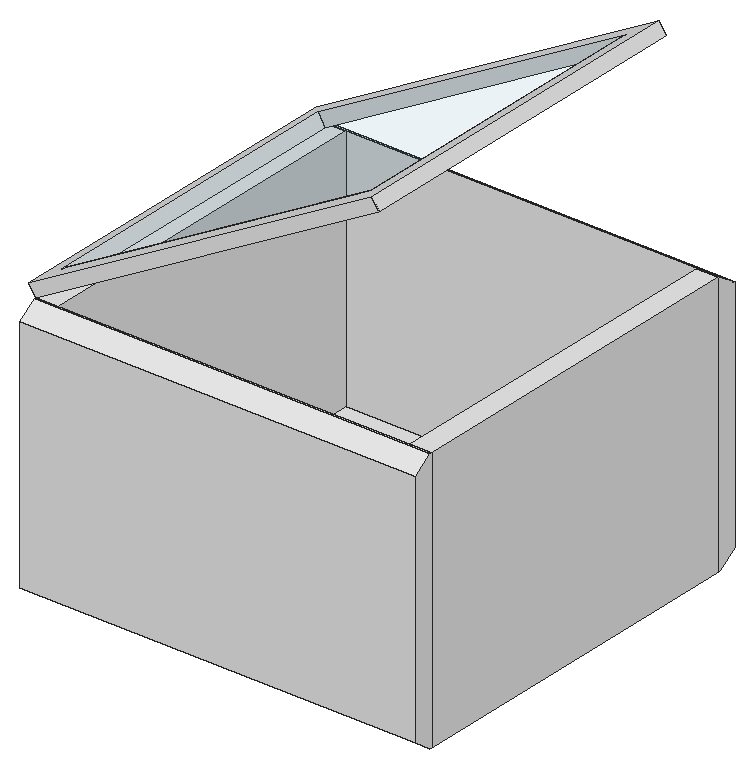
Revit family "Domotics-CablaggioStrutturato-GEWISS-QUADRI_PARETE_19_12U_P400", category Apparecchi elettrici, host Superficie, Revit 2019
Family settings
  Host = Superficie
  Mantenere orientamento annotazione = Sì
  Quota connettore circolare = Usa diametro
  Tipo di parte = Normale
  Taglio con vuoti quando caricato = No
  Condiviso = No
  Punto di calcolo locali = Sì
Parameters (values of type "GW38408 - QUADRO DA PARETE 19 12U P=400MM.")
  simbolo in pianta [instance] = yes
  Visibilità sportello [instance] = yes
  Versione file RFA = "21.2"
  UnitÃ  di cablaggio = "12 U"
  URL = "https://www.gewiss.com/it/it"
  Tipologia porta = "Reversibile"
  Scheda Tecnica = "https://www.gewiss.com/it/it/search?q=GW38408"
  SEO = "Quadro"
  Default Elevation = 1219.2 mm
  ProfonditÃ  (mm) = "400 mm"
  Produttore = "GEWISS S.p.A."
  Potenza quadro = 0 V
  Portata statica = "50KG"
  Nome quadro [instance] = "n.quadro"
  N_poli = 1
  N. montanti = "2"
  Modello = "GW38408"
  Materiale = "Acciaio"
  Immagine tipo = B.jpg
  IDT = "601a335b6a224bb6a86d85924b08be06"
  IDF = "31048a0f-3bf5-46e9-84e3-9b2dc10e415f"
  Grado di protezione = "IP20"
  Finitura = "Bucciata"
  Distanza_x [instance] = -380.34 mm
  Distanza simbolo [instance] = 0.5 mm
  Distanza effettiva x [instance] = 1000 mm - Distanza_x  # 1380.34 mm
  Dim. esterne BxHxP (mm) = "600x605x400"
  Descrizione = "QUADRO DA PARETE 19 12U P=400MM."
  Creato da GEWISS S.p.A. = ""
  Colore = "Grigio (RAL 7035)"
  Codice Electrocod = "3752"
  Categoria = "Quadro da parete 19\""
  Catalogo = "DOMOTICS"
  COBie.Tagnumber = ""
  COBie.CreatedOn = ""
  COBie.CreatebBy = ""
  COBie.ComponentRegisterItemID = ""
  COBie.Component.TagNumber = ""
  COBie.Component.Space = ""
  COBie.Component.SerialNumber = ""
  COBie.Component.InstallationDate = ""
  COBie.Component.Description = ""
  COBie.Component.BarCode = ""
  Apertura porta = "180°"
  Apertura [instance] = 30.00°
Reference planes
  plane 1 "Centro (Fronte/Retro)": y = 0
  plane 2: z = 0
  plane 3 "Centro (Sinistra/Destra)": x = 0
  plane 4: x = -1380.34
  plane 5: x = 0
Forms (mm)
  Extrusion 1, solid, detail levels coarse
    sketch origin (0, 0, 0) x (1, 0, 0) y (0, 1, 0)
      loop
        line (0, -4.25) -> (600, -4.25) -> (600, 609) -> (0, 609) -> (0, -4.25)
    from 0 to 400
Dimensions and locks
  plane 4 to plane 3 "Centro (Sinistra/Destra)" = 1380.34 mm
  "Distanza effettiva x": plane 4 to plane 5
  aligned and locked: host face to plane 2
  aligned and locked: host face to level
  aligned and locked: nested 1 to plane 5
  aligned and locked: plane 3 "Centro (Sinistra/Destra)" to nested 2
  aligned and locked: plane 1 "Centro (Fronte/Retro)" to nested 2
  aligned and locked: nested 2 to Extrusion 1 sketch curve
  aligned and locked: Extrusion 1 sketch curve to nested 2  (x3)
  aligned and locked: Extrusion 1 to nested 2
Automatic sketch dimensions
  host sketch curve to host sketch curve = 3398.537 mm
  host sketch curve to host sketch curve = 3619.2 mm
Nested families
  nested 1: "DATACENTERsimbolo" at (0, 911.19, 0), Distanza dal muro <- "Distanza simbolo", SIMBOLO ACCESO <- "simbolo in pianta", visible <- "simbolo in pianta", type "3P"
    with SIMBOLO ACCESO yes, Distanza dal muro 0.5 mm
  nested 2: "QUADRO DA PARETE 1912U P_400mm_base" at (0, 0, 0), Visibilità sportello <- "Visibilità sportello", type "QUADRO DA PARETE 1912U P_400mm_base", detail levels medium+fine
Connectors
  electrical at (300, 605, 200), driven by "Potenza quadro", driven by "N_poli"
    settings: on nested 2, index 1, voltage 0 V, apparent load 0 VA, apparent load phase1 0 VA, apparent load phase2 0 VA, apparent load phase3 0 VA, power factor 1, load classification "Altro", number of poles 1, system type 31, power factor state 1, is connector primary yes, connector utility no, sub classification motor no, connector description ""
Definition of nested family "QUADRO DA PARETE 1912U P_400mm_base"
  Parameters (values of type "QUADRO DA PARETE 1912U P_400mm_base")
    s = 30.00°
    d_piano = 0 mm
    Visibilità sportello [instance] = yes
    Vetro = none
    Struttura = none
    Sportlello = none
    Profondità quadro = 400 mm  # constant formula
    Larghezza quadro = 600 mm  # constant formula
    Altezza quadro = 605 mm  # constant formula
  Reference planes
    plane 1 "Centro (Fronte/Retro)": y = 0
    plane 2: z = 0
    plane 3 "Centro (Sinistra/Destra)": x = 0
    plane 4: z = 0
    plane 5: z = 26
    plane 6: z = 376
    plane 7: z = 400
    plane 8 "posizione": y = 30
    plane 9: y = 575
    plane 10: y = 605
    plane 11: x = 600
    plane 12: x = 34
    plane 13: x = 566
    plane 14: y = -4.25
    plane 15: y = 609
    plane 16: z = 375.1
    plane 17: z = 345.6
    plane 18: x = 69.137
    plane 19: z = 57.064
    plane 20: z = 555.625
  Forms (mm)
    Extrusion 1, solid, material <- "Struttura"
      sketch origin (0, 0, 0) x (0, 1, 0) y (0, 0, 1)
        loop
          line (30, 400) -> (30, 0) -> (575, 0) -> (575, 400) -> (30, 400)
      from 0 to 34
    Extrusion 2, solid, material <- "Struttura"
      sketch origin (612, 0, 0) x (0, 1, 0) y (0, 0, -1)
        loop
          line (30, -400) -> (575, -400) -> (575, 0) -> (30, 0) -> (30, -400)
      from 12 to 46
    Extrusion 3, solid, material <- "Struttura"
      sketch origin (0, 0, 0) x (0, 1, 0) y (0, 0, 1)
        loop
          line (30, 0) -> (30, 400) -> (27.558, 400) -> (0, 380.704) -> (0, 19.296) -> (27.558, 0) -> (30, 0)
        loop
          line (575, 0) -> (577.442, 0) -> (605, 19.296) -> (605, 380.704) -> (577.442, 400) -> (575, 400) -> (575, 0)
      from 0 to 600
    Extrusion 4, solid, material <- "Struttura"
      sketch origin (0, 0, 0) x (1, 0, 0) y (0, 1, 0)
        loop
          line (34, 575) -> (34, 30) -> (566, 30) -> (566, 575) -> (34, 575)
      from 0 to 26
    Extrusion 5, solid, material <- "Sportlello", visible <- "Visibilità sportello"
      sketch origin (731.334, 0, 822.236) x (-0.866025, 0, -0.5) y (0, -1, 0)
        loop
          line (844.471, -30) -> (244.471, -30) -> (244.471, -575) -> (844.471, -575) -> (844.471, -30)
        loop
          line (274.471, -545) -> (814.471, -545) -> (814.471, -60) -> (274.471, -60) -> (274.471, -545)
      from 0 to 20
    Extrusion 6, solid, material <- "Vetro", visible <- "Visibilità sportello"
      sketch origin (731.334, 0, 822.236) x (-0.866025, 0, -0.5) y (0, -1, 0)
        loop
          line (814.471, -60) -> (274.471, -60) -> (274.471, -545) -> (814.471, -545) -> (814.471, -60)
      from 0 to 20
  Lines and regions (mm)
    reference lines
      curve 1: line (731.334, 0, 822.236) -> (0, 0, 400)
  Dimensions and locks
    locked: plane 5 to plane 4 at 26
    locked: plane 7 to plane 6 at 24
    "Profondità quadro": plane 7 to plane 4
    "d_piano": plane 4 to plane 2
    locked: plane 1 "Centro (Fronte/Retro)" to plane 8 "posizione" at 30
    locked: plane 9 to plane 10 at 30
    "Altezza quadro": plane 1 "Centro (Fronte/Retro)" to plane 10
    "Larghezza quadro": plane 3 "Centro (Sinistra/Destra)" to plane 11
    locked: plane 3 "Centro (Sinistra/Destra)" to plane 12 at 34
    locked: plane 13 to plane 11 at 34
    plane 9 to Extrusion 2 = 545 mm
    locked: plane 14 to plane 1 "Centro (Fronte/Retro)" at 4.25
    locked: plane 10 to plane 15 at 4
    locked: plane 17 to plane 16 at 29.5
    locked: plane 16 to plane 7 at 24.9
    locked: plane 19 to plane 5 at 31.064
    plane 3 "Centro (Sinistra/Destra)" to Extrusion 4 = 566 mm
    locked: Extrusion 5 sketch curve to curve 1 at 30
    "Larghezza quadro": Extrusion 5 sketch curve to Extrusion 5 sketch curve
    locked: Extrusion 5 sketch curve to Extrusion 5 sketch curve at 30  (x4)
    "s": angle plane 7 to curve 1
    aligned and locked: Extrusion 1 sketch curve to plane 7
    aligned and locked: Extrusion 1 sketch curve to plane 4
    aligned and locked: Extrusion 1 sketch curve to plane 8 "posizione"
    aligned and locked: Extrusion 1 sketch curve to plane 9
    aligned and locked: Extrusion 1 to plane 3 "Centro (Sinistra/Destra)"
    aligned and locked: plane 12 to Extrusion 1
    aligned and locked: plane 13 to Extrusion 2
    aligned and locked: Extrusion 2 to plane 11
    aligned and locked: Extrusion 2 to plane 4
    aligned and locked: plane 7 to Extrusion 2
    aligned and locked: Extrusion 3 sketch curve to plane 8 "posizione"
    aligned and locked: Extrusion 3 sketch curve to plane 7
    aligned and locked: Extrusion 3 sketch curve to plane 1 "Centro (Fronte/Retro)"
    aligned and locked: Extrusion 3 sketch curve to plane 10
    aligned and locked: Extrusion 3 sketch curve to plane 9
    aligned and locked: plane 7 to Extrusion 3 sketch curve
    aligned and locked: Extrusion 3 sketch curve to plane 4
    aligned and locked: Extrusion 3 to plane 3 "Centro (Sinistra/Destra)"
    aligned and locked: Extrusion 3 to plane 11
    aligned and locked: Extrusion 4 sketch curve to plane 12
    aligned and locked: Extrusion 4 sketch curve to plane 9
    aligned and locked: Extrusion 4 sketch curve to plane 8 "posizione"
    aligned and locked: Extrusion 4 sketch curve to plane 13
    aligned and locked: plane 5 to Extrusion 4
    aligned and locked: Extrusion 4 to plane 4
    aligned and locked: curve 1 to Extrusion 3
    aligned and locked: Extrusion 6 sketch curve to Extrusion 5  (x3)
    aligned and locked: Extrusion 5 sketch curve to Extrusion 3
  Automatic sketch dimensions
    plane 7 to Extrusion 2 sketch curve = 0 mm
    Extrusion 2 sketch curve to plane 8 "posizione" = 0 mm
    Extrusion 2 sketch curve to plane 4 = 0 mm
    Extrusion 2 sketch curve to plane 9 = 0 mm
    plane 8 "posizione" to Extrusion 3 sketch curve = 2.442 mm  (x2)
    Extrusion 3 sketch curve to plane 9 = 2.442 mm  (x2)
    Extrusion 3 sketch curve to plane 5 = 6.704 mm  (x2)
    plane 6 to Extrusion 3 sketch curve = 4.704 mm  (x2)
    Extrusion 3 sketch curve to plane 4 = 0 mm
    Extrusion 6 sketch curve to curve 1 = 30 mm
    Extrusion 5 sketch curve to curve 1 = 0 mm
    curve 1 to plane 3 "Centro (Sinistra/Destra)" = 0 mm
    curve 1 to plane 7 = 0 mm
Definition of nested family "DATACENTERsimbolo"
  Parameters (values of type "3P")
    SIMBOLO ACCESO [instance] = yes
    Distanza dal muro [instance] = 0 mm
  Reference planes
    plane 1: y = 0
    plane 2: x = 0
  Dimensions and locks
    "Distanza dal muro": plane 1 to nested 1
    aligned and locked: plane 2 to nested 1
  Nested families
    nested 1: "DATACENTERsimbolo.base" at (0, 0, 0), type "3P"
      with CORNICE SIMBOLO yes
  Definition of nested family "DATACENTERsimbolo.base"
    Parameters (values of type "3P")
      Testo = ""
      CORNICE SIMBOLO [instance] = yes
      3P = yes
    Reference planes
      plane 1: y = 0
      plane 2: x = 0
    Lines and regions (mm)
      detail lines
        curve 1: line (6.852, 3.426, 0) -> (8.859, 3.426, 0)
        curve 2: line (8.859, 3.426, 0) -> (8.859, 0, 0)
        curve 3: line (8.859, 0, 0) -> (6.852, 0, 0)
        curve 4: line (6.852, 0, 0) -> (0, 3.426, 0)
        curve 5: line (0, 3.426, 0) -> (3.027, 3.426, 0)
        curve 6: line (3.027, 3.426, 0) -> (6.852, 3.426, 0)
        curve 7: line (6.852, 3.426, 0) -> (6.852, 0, 0)
        curve 8: line (6.852, 0, 0) -> (0, 0, 0)
        curve 9: line (0, 0, 0) -> (0, 3.426, 0)
        curve 10: line (7.856, 1.713, 0) -> (7.856, 2.67, 0)
        curve 11: line (8.526, 0.756, 0) -> (8.526, 1.713, 0)
        curve 12: line (8.526, 1.713, 0) -> (7.185, 1.713, 0)
        curve 13: line (7.185, 1.713, 0) -> (7.185, 0.756, 0)
    Text (mm)
      label "RJ" at (7.87, 1.29, 0), shows "Testo"
    Nested families
      nested 1: "testo_simb" at (7.89, 1.134, 0), type "3P"
        with SIMBOLO ACCESO yes, Distanza dal muro 0 mm
      nested 2: "testo_simb" at (7.855, 0, 0), type "3P"
        with SIMBOLO ACCESO yes, Distanza dal muro 0 mm
      nested 3: "testo_simb" at (7.855, 0, 0), type "3P"
        with SIMBOLO ACCESO yes, Distanza dal muro 0 mm
      nested 4: "testo_simb" at (7.855, 0, 0), type "3P"
        with SIMBOLO ACCESO yes, Distanza dal muro 0 mm
      nested 5: "testo_simb" at (7.855, 0, 0), type "3P"
        with SIMBOLO ACCESO yes, Distanza dal muro 0 mm
    Definition of nested family "testo_simb"
      Parameters (values of type "3P")
        testo simb = ""
        SIMBOLO ACCESO [instance] = yes
        Distanza dal muro [instance] = 0 mm
      Reference planes
        plane 1: y = 0
        plane 2: x = 0
      Text (mm)
        label "RJ" at (0.02, 0.123, 0), shows "testo simb"
